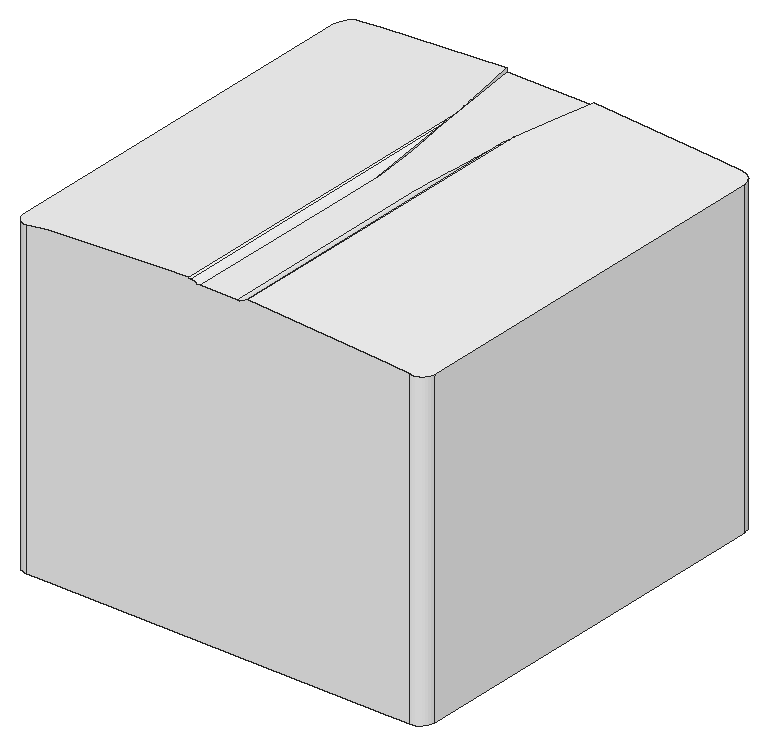
Revit family "Pipe_Cover-Navien-NPE-2", category Mechanical Equipment, host Face, Revit 2019
Family settings
  Host = Face
  Round Connector Dimension = Use Diameter
  Part Type = Normal
  OmniClass Number = 23.65.35.11
  OmniClass Title = Supply Water Heaters
  Cut with Voids When Loaded = No
  Shared = No
  Room Calculation Point = No
Parameters (values of type "Pipe Cover for NPE-2 Series")
  Width = 17.30"  # constant formula
  Weight = 0.00 lbf
  Warranty = "https://www.navieninc.com/warranties"
  Version = "2019 - v1.0a"  # constant formula
  URL = "https://www.navieninc.com"
  Product Page URL = "https://www.navieninc.com/accessories"
  Product Name = "Pipe Cover for NPE-2 Series"  # constant formula
  Product Documentation Link = "https://www.navieninc.com/downloads/npe-2-pipe-cover-installation-manual-en"
  Model = "30025812A"  # constant formula
  Material = ""
  Manufacturer Phone Number = "(949) 420-0420"  # constant formula
  Manufacturer Fax Number = "(949) 420-0430"  # constant formula
  Manufacturer Address = "20 Goodyear, Irvine, CA 92618"  # constant formula
  Manufacturer = "Navien, Inc."  # constant formula
  Keynote = "Division 22"
  Installation Type = "Pipe Cover - Wall Mounted"  # constant formula
  Height = 17.50"  # constant formula
  Finish = Metal - Navien - White
  Description = "Pipe cover designed to hide gas, water and power lines for an elegant, clean look. Works with NPE-2 series units. Use with 30012581A Plumb Easy Valve Kit."  # constant formula
  Depth = 13.60"  # constant formula
  Default Elevation = 48.00"
  Copyright = "All contents copyright © Navien Inc."  # constant formula
  Assembly Code = "D"
Reference planes (in)
  plane 1 "Center (Front/Back)": y = -10.00368
  plane 2: z = 0
  plane 3 "Center (Left/Right)": x = 0
  plane 4: x = -8.65
  plane 5: x = 8.65
  plane 6: y = 7.49632
  plane 7: z = 13.6
Forms (in)
  Extrusion 1, solid, material "Metal - Navien - White" <- "Finish", detail levels coarse
    sketch origin (0, 19.32383, 4.3925) x (0, 1, 0) y (-1, 0, 0)
      loop
        arc (-11.82751, 8.02205) -> (-12.01144, 8.46608) -> (-12.45547, 8.65) r 0.62795
        line (-12.45547, 8.65) -> (-28.69956, 8.65)
        arc (-28.69956, 8.65) -> (-29.14359, 8.46608) -> (-29.32751, 8.02205) r 0.62795
        line (-29.32751, 8.02205) -> (-29.32751, -8.02205)
        arc (-29.32751, -8.02205) -> (-29.14359, -8.46608) -> (-28.69956, -8.65) r 0.62795
        line (-28.69956, -8.65) -> (-12.45547, -8.65)
        arc (-12.45547, -8.65) -> (-12.01144, -8.46608) -> (-11.82751, -8.02205) r 0.62795
        line (-11.82751, -8.02205) -> (-11.82751, 8.02205)
    from -4.3925 to 9.2075
  Extrusion 2, solid, material "Metal - Navien - White", detail levels medium+fine
    sketch origin (0, -0.64738, 4.20325) x (1, 0, 0) y (0, 0, 1)
      loop
        arc (-1.25484, 9.39675) -> (-4.95879, 9.26108) -> (-8.65, 8.92548) r 68.57317
        line (-8.65, 8.92548) -> (-8.65, -4.20325) -> (8.65, -4.20325) -> (8.65, 8.92548)
        arc (8.65, 8.92548) -> (4.95879, 9.26108) -> (1.25484, 9.39675) r 68.57317
        arc (1.25484, 9.39675) -> (1.20612, 9.3897) -> (1.16179, 9.3683) r 0.16135
        arc (1.16179, 9.3683) -> (0.97731, 9.288) -> (0.77853, 9.25698) r 0.78888
        line (0.77853, 9.25698) -> (-0.77853, 9.25698)
        arc (-0.77853, 9.25698) -> (-0.97731, 9.288) -> (-1.16179, 9.3683) r 0.78888
        arc (-1.16179, 9.3683) -> (-1.20612, 9.3897) -> (-1.25484, 9.39675) r 0.16135
    from -8.1437 to 9.3563
  Extrusion 3, void
    sketch origin (0, -0.64738, 4.20325) x (1, 0, 0) y (0, 1, 0)
      loop
        line (2, 8.8563) -> (-2, 8.8563)
        arc (-2, 8.8563) -> (-1.22164, 4.45127) -> (-0.77853, 0) r 59.12795
        line (-0.77853, 0) -> (0.77853, 0)
        arc (0.77853, 0) -> (1.22164, 4.45127) -> (2, 8.8563) r 59.12795
    from 9.25698 to 9.57656
  Extrusion 4, void
    sketch origin (0, -0.64738, 4.20325) x (1, 0, 0) y (0, 1, 0)
      loop
        line (-8.65, -8.76575) -> (-8.65, 7.55315)
        arc (-8.65, 7.55315) -> (-8.47703, 7.97073) -> (-8.05945, 8.1437) r 0.59055
        line (-8.05945, 8.1437) -> (-7.19331, 8.1437) -> (-7.19331, 8.6437) -> (-9.44331, 8.6437) -> (-9.44331, -9.8563) -> (-7.19331, -9.8563) -> (-7.19331, -9.3563) -> (-8.05945, -9.3563)
        arc (-8.05945, -9.3563) -> (-8.47703, -9.18333) -> (-8.65, -8.76575) r 0.59055
      loop
        arc (8.65, -8.76575) -> (8.47703, -9.18333) -> (8.05945, -9.3563) r 0.59055
        line (8.05945, -9.3563) -> (7.19331, -9.3563) -> (7.19331, -9.8563) -> (9.44331, -9.8563) -> (9.44331, 8.6437) -> (7.19331, 8.6437) -> (7.19331, 8.1437) -> (8.05945, 8.1437)
        arc (8.05945, 8.1437) -> (8.47703, 7.97073) -> (8.65, 7.55315) r 0.59055
        line (8.65, 7.55315) -> (8.65, -8.76575)
    from -5.85039 to 12
Cuts and joins
  Extrusion 3, Extrusion 4 cuts Extrusion 2
Dimensions and locks (in)
  locked: plane 4 to plane 5 at 17.3
  plane 6 to plane 1 "Center (Front/Back)" = 17.50"
  locked: plane 1 "Center (Front/Back)" to plane 6 at 17.5
  locked: host sketch curve to plane 1 "Center (Front/Back)" at 11.99632  (x6)
  locked: host sketch curve to plane 1 "Center (Front/Back)" at 47.02907  (x6)
  Extrusion 1 to plane 1 "Center (Front/Back)" = 17.50"
  Extrusion 1 sketch curve to plane 1 "Center (Front/Back)" = 16.87205"  (x2)
  Extrusion 1 sketch curve to plane 1 "Center (Front/Back)" = 17.50"  (x5)
  locked: Extrusion 1 sketch curve to plane 1 "Center (Front/Back)" at 0.62795  (x4)
  Extrusion 1 to level = 13.60"
  Extrusion 1 to level = 0.00"
  locked: Extrusion 1 sketch curve to level at 4.3925  (x48)
  locked: Extrusion 2 sketch curve to plane 1 "Center (Front/Back)" at 9.3563  (x60)
  Extrusion 2 sketch curve to level = 13.46023"  (x5)
  Extrusion 2 sketch curve to level = 13.57155"  (x4)
  Extrusion 2 sketch curve to level = 13.60"  (x4)
  Extrusion 2 sketch curve to level = 13.12873"  (x2)
  Extrusion 2 sketch curve to level = 0.00"  (x3)
  locked: Extrusion 3 sketch curve to plane 1 "Center (Front/Back)" at 18.2126  (x10)
  locked: Extrusion 3 sketch curve to plane 1 "Center (Front/Back)" at 9.3563  (x10)
  locked: Extrusion 3 sketch curve to level at 4.20325  (x24)
  Extrusion 4 sketch curve to plane 1 "Center (Front/Back)" = 16.90945"  (x2)
  Extrusion 4 sketch curve to plane 1 "Center (Front/Back)" = 17.50"  (x8)
  Extrusion 4 sketch curve to plane 1 "Center (Front/Back)" = 18.00"  (x6)
  locked: Extrusion 4 sketch curve to plane 1 "Center (Front/Back)" at 0.5  (x12)
  locked: Extrusion 4 sketch curve to plane 1 "Center (Front/Back)" at 0.59055  (x4)
  locked: Extrusion 4 sketch curve to level at 4.20325  (x120)
  plane 7 to level = 13.60"
  locked: Extrusion 1 to plane 1 "Center (Front/Back)" at 17.5
  locked: Extrusion 1 sketch curve to plane 1 "Center (Front/Back)" at 16.87205  (x2)
  locked: Extrusion 1 sketch curve to plane 1 "Center (Front/Back)" at 17.5  (x5)
  locked: Extrusion 1 to level at 13.6
  locked: Extrusion 2 sketch curve to level at 13.46023  (x5)
  locked: Extrusion 2 sketch curve to level at 13.57155  (x4)
  locked: Extrusion 2 sketch curve to level at 13.6  (x4)
  locked: Extrusion 2 sketch curve to level at 13.12873  (x2)
  locked: Extrusion 4 sketch curve to plane 1 "Center (Front/Back)" at 16.90945  (x2)
  locked: Extrusion 4 sketch curve to plane 1 "Center (Front/Back)" at 17.5  (x8)
  locked: Extrusion 4 sketch curve to plane 1 "Center (Front/Back)" at 18  (x6)
  plane 7 to Extrusion 2 sketch curve to Extrusion 2 sketch curve to Extrusion 2 sketch curve = 0.13977" locked, 0.3315" locked, 0.00" locked
  Extrusion 3 sketch curve to Extrusion 3 sketch curve to plane 3 "Center (Left/Right)" to Extrusion 3 sketch curve to Extrusion 3 sketch curve = 1.22147" locked, 0.77853" locked, 0.77853" locked, 1.22147" locked
  Extrusion 4 sketch curve to plane 4 to Extrusion 4 sketch curve to Extrusion 4 sketch curve to Extrusion 4 sketch curve = 0.79331" locked, 0.00" locked, 1.45669" locked, 0.00" locked
  Extrusion 4 sketch curve to Extrusion 4 sketch curve to plane 5 to Extrusion 4 sketch curve to Extrusion 4 sketch curve = 0.00" locked, 1.45669" locked, 0.00" locked, 0.79331" locked
  locked: Extrusion 3 sketch curve to plane 3 "Center (Left/Right)" at 59.79511
  locked: plane 3 "Center (Left/Right)" to Extrusion 3 sketch curve at 59.79511
  aligned and locked: plane 2 to host face
  aligned and locked: level to host face
  aligned and locked: cut or joined group of Extrusion 2, Extrusion 3, Extrusion 4 to plane 6
  aligned and locked: plane 6 to Extrusion 1 sketch curve
  aligned and locked: Extrusion 1 sketch curve to plane 1 "Center (Front/Back)"
  aligned and locked: Extrusion 1 sketch curve to plane 5
  aligned and locked: Extrusion 1 sketch curve to plane 4
  aligned and locked: level to Extrusion 2 sketch curve
  aligned and locked: plane 4 to Extrusion 2 sketch curve
  aligned and locked: Extrusion 2 sketch curve to plane 5
